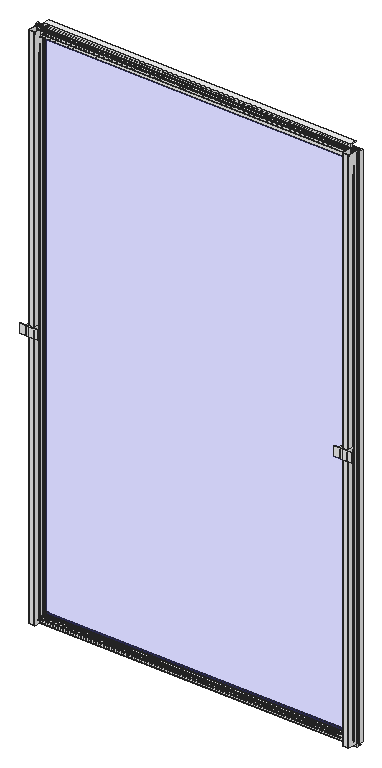
Revit family "Facade_60_Curtain_Wall_I11_Standard", category Windows, host Wall, Revit 2014 (continued)
Definition of nested family "F60 Vertical Profile Side_I11_Std"
  Automatic sketch dimensions
    Extrusion 10 sketch curve to Extrusion 10 sketch curve = 1 mm
    Extrusion 10 sketch curve to Extrusion 10 sketch curve = 2.8 mm
    Extrusion 10 sketch curve to Extrusion 10 sketch curve = 0 mm  (x2)
    Extrusion 10 sketch curve to Extrusion 10 sketch curve = 1.4 mm
    Extrusion 10 sketch curve to Extrusion 10 sketch curve = 0.539 mm  (x2)
    plane 1 "Center (Front/Back)" to Extrusion 10 sketch curve = 28.864 mm
    Extrusion 11 sketch curve to plane 3 "Center (Left/Right)" = 0 mm
    plane 3 "Center (Left/Right)" to Extrusion 11 sketch curve = 0.65 mm
    Extrusion 11 sketch curve to Extrusion 11 sketch curve = 0.128 mm  (x2)
    plane 3 "Center (Left/Right)" to Extrusion 11 sketch curve = 1.014 mm
    plane 3 "Center (Left/Right)" to Extrusion 11 sketch curve = 1.05 mm
    Extrusion 11 sketch curve to Extrusion 11 sketch curve = 0.469 mm  (x2)
    Extrusion 11 sketch curve to Extrusion 11 sketch curve = 1.079 mm
    Extrusion 11 sketch curve to Extrusion 11 sketch curve = 1.317 mm  (x2)
    Extrusion 11 sketch curve to Extrusion 11 sketch curve = 0 mm  (x3)
    plane 3 "Center (Left/Right)" to Extrusion 11 sketch curve = 3.85 mm
    Extrusion 11 sketch curve to Extrusion 11 sketch curve = 0.15 mm  (x2)
    Extrusion 11 sketch curve to Extrusion 11 sketch curve = 26 mm  (x2)
    Extrusion 11 sketch curve to Extrusion 11 sketch curve = 1.05 mm
    Extrusion 11 sketch curve to Extrusion 11 sketch curve = 0.707 mm
    Extrusion 11 sketch curve to Extrusion 11 sketch curve = 0.433 mm
    plane 1 "Center (Front/Back)" to Extrusion 11 sketch curve = 31.288 mm
    plane 1 "Center (Front/Back)" to Extrusion 11 sketch curve = 28.065 mm
    Extrusion 11 sketch curve to Extrusion 11 sketch curve = 1.314 mm
    Extrusion 11 sketch curve to Extrusion 11 sketch curve = 0.65 mm
    Extrusion 11 sketch curve to Extrusion 11 sketch curve = 0.5 mm  (x2)
    plane 1 "Center (Front/Back)" to Extrusion 11 sketch curve = 32.75 mm
    Extrusion 11 sketch curve to Extrusion 11 sketch curve = 0.1 mm  (x3)
    Extrusion 11 sketch curve to Extrusion 11 sketch curve = 1.1 mm  (x2)
    Extrusion 11 sketch curve to Extrusion 11 sketch curve = 8.608 mm
    Extrusion 11 sketch curve to Extrusion 11 sketch curve = 0.962 mm
    Extrusion 12 sketch curve to plane 3 "Center (Left/Right)" = 21.349 mm
    Extrusion 12 sketch curve to Extrusion 12 sketch curve = 6.35 mm
    plane 3 "Center (Left/Right)" to Extrusion 12 sketch curve = 10.403 mm
    plane 1 "Center (Front/Back)" to Extrusion 12 sketch curve = 35.567 mm
    plane 1 "Center (Front/Back)" to Extrusion 12 sketch curve = 10.171 mm
    plane 1 "Center (Front/Back)" to Extrusion 12 sketch curve = 3.821 mm
    Extrusion 13 sketch curve to plane 3 "Center (Left/Right)" = 21.35 mm
    Extrusion 13 sketch curve to Extrusion 13 sketch curve = 6.35 mm
    plane 3 "Center (Left/Right)" to Extrusion 13 sketch curve = 10.402 mm
    plane 1 "Center (Front/Back)" to Extrusion 13 sketch curve = 33.172 mm
    plane 1 "Center (Front/Back)" to Extrusion 13 sketch curve = 7.775 mm
    plane 1 "Center (Front/Back)" to Extrusion 13 sketch curve = 1.425 mm
    Extrusion 14 sketch curve to plane 3 "Center (Left/Right)" = 0 mm
    plane 3 "Center (Left/Right)" to Extrusion 14 sketch curve = 1.2 mm
    Extrusion 14 sketch curve to Extrusion 14 sketch curve = 9.6 mm
    Extrusion 14 sketch curve to Extrusion 14 sketch curve = 1.2 mm  (x3)
    plane 1 "Center (Front/Back)" to Extrusion 14 sketch curve = 25.775 mm
    plane 1 "Center (Front/Back)" to Extrusion 14 sketch curve = 8.975 mm
    curve 4 to Extrusion 6 = 0 mm
    curve 3 to Extrusion 6 = 0 mm
    curve 1 to Extrusion 6 = 0 mm
    curve 4 to Extrusion 6 = 3.6 mm
    curve 3 to Extrusion 6 = 3.6 mm
    curve 1 to Extrusion 6 = 3.6 mm
    Extrusion 6 to curve 2 = 1 mm
    Extrusion 6 to curve 5 = 1 mm
    Extrusion 6 to curve 6 = 1 mm
    curve 6 to Extrusion 6 = 1 mm
    curve 5 to Extrusion 6 = 1 mm
    curve 2 to Extrusion 6 = 1 mm
    curve 9 to Extrusion 6 = 0 mm
    curve 8 to Extrusion 6 = 0 mm
    curve 7 to Extrusion 6 = 0 mm
    Extrusion 6 to curve 8 = 3.6 mm
    Extrusion 6 to curve 9 = 3.6 mm
    Extrusion 6 to curve 7 = 3.6 mm
    curve 12 to Extrusion 5 = 25.894 mm
    curve 11 to Extrusion 5 = 25.894 mm
    curve 10 to Extrusion 5 = 25.894 mm
    curve 10 to Extrusion 5 = 0.108 mm
    Extrusion 5 to curve 12 = 0.703 mm
    Extrusion 5 to curve 11 = 0.703 mm
    curve 13 to Extrusion 5 = 4 mm
    curve 14 to Extrusion 5 = 4 mm
    curve 15 to Extrusion 5 = 4 mm
    Extrusion 5 to curve 15 = 0.702 mm
    Extrusion 5 to curve 14 = 0.702 mm
    Extrusion 5 to curve 13 = 0.702 mm
    curve 18 to Extrusion 7 = 0 mm
    curve 17 to Extrusion 7 = 0 mm
    curve 16 to Extrusion 7 = 0 mm
    Extrusion 7 to curve 17 = 3.6 mm
    Extrusion 7 to curve 18 = 3.6 mm
    Extrusion 7 to curve 16 = 3.6 mm
    Extrusion 7 to curve 21 = 1 mm  (x2)
    Extrusion 7 to curve 20 = 1 mm  (x2)
    Extrusion 7 to curve 19 = 1 mm  (x2)
    curve 24 to Extrusion 7 = 0 mm
    curve 23 to Extrusion 7 = 0 mm
    curve 22 to Extrusion 7 = 0 mm
    curve 24 to Extrusion 7 = 3.6 mm
    curve 23 to Extrusion 7 = 3.6 mm
    curve 22 to Extrusion 7 = 3.6 mm
    curve 27 to Extrusion 8 = 0 mm
    curve 26 to Extrusion 8 = 0 mm
    curve 25 to Extrusion 8 = 0 mm
    Extrusion 8 to curve 26 = 3.6 mm
    Extrusion 8 to curve 27 = 3.6 mm
    Extrusion 8 to curve 25 = 3.6 mm
    Extrusion 8 to curve 30 = 0.221 mm
    Extrusion 8 to curve 29 = 0.221 mm
    Extrusion 8 to curve 28 = 0.221 mm
    curve 29 to Extrusion 8 = 0.222 mm
    curve 30 to Extrusion 8 = 0.222 mm
    curve 28 to Extrusion 8 = 0.222 mm
    curve 33 to Extrusion 8 = 0 mm
    curve 32 to Extrusion 8 = 0 mm
    curve 31 to Extrusion 8 = 0 mm
    curve 33 to Extrusion 8 = 3.6 mm
    curve 32 to Extrusion 8 = 3.6 mm
    curve 31 to Extrusion 8 = 3.6 mm
    curve 34 to Extrusion 11 = 4.016 mm
    curve 35 to Extrusion 11 = 4.016 mm
    curve 36 to Extrusion 11 = 3.97 mm
    Extrusion 11 to curve 36 = 0.637 mm
    Extrusion 11 to curve 35 = 0.637 mm
    Extrusion 11 to curve 34 = 0.637 mm
    curve 37 to Extrusion 11 = 29.221 mm
    curve 38 to Extrusion 11 = 29.221 mm
    curve 39 to Extrusion 11 = 29.221 mm
    Extrusion 11 to curve 39 = 3.222 mm
    Extrusion 11 to curve 38 = 3.222 mm
    Extrusion 11 to curve 37 = 3.222 mm
Definition of nested family "F60 Horizontal Profile Top_I11_Std"
  Parameters (values of type "F60 Horizontal Profile Top")
    Thermal Break Material [instance] = none
    Single Glazing [instance] = yes
    Profile Material [instance] = none
    Length [instance] = 250 mm
    Double Glazing [instance] = yes
  Reference planes
    plane 1 "Center (Front/Back)": y = 0
    plane 2: z = 0
    plane 3 "Center (Left/Right)": x = 0
  Forms (mm)
    Extrusion 1, solid, material <- "Profile Material"
      sketch origin (0, 0, 0) x (0, 1, 0) y (0, 0, 1)
        loop
          line (-9.94, 7.845) -> (-8.37, 6.275) -> (-1.2, 10.415) -> (-1.2, 1.2) -> (-5, 1.2) -> (-5, 0) -> (-1, 0)
          arc (-1, 0) -> (-0.293, 0.293) -> (0, 1) r 1
          line (0, 1) -> (0, 30) -> (0, 59)
          arc (0, 59) -> (-0.293, 59.707) -> (-1, 60) r 1
          line (-1, 60) -> (-5, 60) -> (-5, 58.8) -> (-1.2, 58.8) -> (-1.2, 49.585) -> (-8.37, 53.725) -> (-9.94, 52.155)
          arc (-9.94, 52.155) -> (-9.902, 51.269) -> (-9.016, 51.232) r 0.655
          line (-9.016, 51.232) -> (-8.077, 52.17) -> (-1.2, 48.2) -> (-1.2, 30) -> (-1.2, 11.8) -> (-8.077, 7.83) -> (-9.016, 8.768)
          arc (-9.016, 8.768) -> (-9.902, 8.731) -> (-9.94, 7.845) r 0.655
      from 0 to 250 <- "Length"
    Extrusion 2, solid, material <- "Profile Material"
      sketch origin (0, 0, 0) x (0, 1, 0) y (0, 0, 1)
        loop
          line (-5, 60) -> (-44.6, 60) -> (-44.6, 58.35) -> (-39.944, 58.35) -> (-39.944, 1.65) -> (-44.6, 1.65) -> (-44.6, 0) -> (-5, 0) -> (-5, 2.2) -> (-4.2, 2.2) -> (-4.2, 3.018)
          arc (-4.2, 3.018) -> (-4.352, 3.783) -> (-4.786, 4.432) r 2
          line (-4.786, 4.432) -> (-7.054, 6.7) -> (-8, 6.489) -> (-8, 5.7) -> (-7.205, 5.7) -> (-7.205, 2.95) -> (-8, 2.95) -> (-8, 1.95) -> (-12.752, 1.95) -> (-12.752, 6.7) -> (-14.152, 6.7) -> (-14.152, 1.65) -> (-38.65, 1.65) -> (-38.65, 8.33) -> (-37.097, 8.33) -> (-34.666, 6.973)
          arc (-34.666, 6.973) -> (-33.846, 7.192) -> (-34.066, 8.012) r 0.6
          line (-34.066, 8.012) -> (-37.128, 9.78) -> (-38.65, 9.78) -> (-38.65, 12.65) -> (-37.6, 13.7) -> (-37.6, 20.3) -> (-38.65, 21.35) -> (-38.65, 38.65) -> (-37.6, 39.7) -> (-37.6, 46.3) -> (-38.65, 47.35) -> (-38.65, 50.22) -> (-37.128, 50.22) -> (-34.066, 51.988)
          arc (-34.066, 51.988) -> (-33.846, 52.808) -> (-34.666, 53.027) r 0.6
          line (-34.666, 53.027) -> (-37.032, 51.661) -> (-38.65, 51.661) -> (-38.65, 58.35) -> (-14.152, 58.35) -> (-14.152, 53.3) -> (-12.752, 53.3) -> (-12.752, 58.05) -> (-8, 58.05) -> (-8, 57.05) -> (-7.205, 57.05) -> (-7.205, 54.3) -> (-8, 54.3) -> (-8, 53.511) -> (-7.054, 53.3) -> (-4.786, 55.568)
          arc (-4.786, 55.568) -> (-4.352, 56.217) -> (-4.2, 56.982) r 2
          line (-4.2, 56.982) -> (-4.2, 57.8) -> (-5, 57.8) -> (-5, 60)
      from 0 to 250 <- "Length"
    Extrusion 3, solid, material <- "Thermal Break Material"
      sketch origin (0, 0, 0) x (0, 1, 0) y (0, 0, 1)
        loop
          line (-40, 1.75) -> (-40, 30) -> (-40, 58.25) -> (-44.6, 58.25) -> (-44.6, 60) -> (-45.9, 60) -> (-45.9, 53.65) -> (-41.788, 53.65)
          arc (-41.788, 53.65) -> (-41.363, 53.474) -> (-41.187, 53.05) r 0.6
          line (-41.187, 53.05) -> (-41.187, 30) -> (-41.187, 6.95)
          arc (-41.187, 6.95) -> (-41.363, 6.526) -> (-41.788, 6.35) r 0.6
          line (-41.788, 6.35) -> (-45.9, 6.35) -> (-45.9, 0) -> (-44.6, 0) -> (-44.6, 1.75) -> (-40, 1.75)
      from 0 to 250 <- "Length"
    Extrusion 4, solid, material <- "Profile Material"
      sketch origin (0, 0, 0) x (0, 1, 0) y (0, 0, 1)
        loop
          line (-58.5, 25.249) -> (-43.6, 25.249)
          arc (-43.6, 25.249) -> (-43.034, 25.015) -> (-42.8, 24.449) r 0.8
          line (-42.8, 24.449) -> (-42.8, 7.9) -> (-44.4, 7.9) -> (-44.4, 9.45) -> (-45.25, 9.45)
          arc (-45.25, 9.45) -> (-45.674, 9.274) -> (-45.85, 8.85) r 0.6
          line (-45.85, 8.85) -> (-45.85, 7.9) -> (-48.8, 7.9)
          arc (-48.8, 7.9) -> (-49.3, 8.4) -> (-49.8, 7.9) r 0.5
          line (-49.8, 7.9) -> (-49.8, 5.55) -> (-48.65, 5.55) -> (-48.65, 6.7) -> (-47.35, 6.7) -> (-47.35, 1.2) -> (-48.65, 1.2) -> (-48.65, 2.35) -> (-49.8, 2.35) -> (-49.8, 0.5)
          arc (-49.8, 0.5) -> (-49.654, 0.146) -> (-49.3, 0) r 0.5
          line (-49.3, 0) -> (-45.9, 0) -> (-45.9, 6.45) -> (-42.2, 6.45)
          arc (-42.2, 6.45) -> (-41.634, 6.684) -> (-41.4, 7.25) r 0.8
          line (-41.4, 7.25) -> (-41.4, 30) -> (-41.4, 52.75)
          arc (-41.4, 52.75) -> (-41.634, 53.316) -> (-42.2, 53.55) r 0.8
          line (-42.2, 53.55) -> (-45.9, 53.55) -> (-45.9, 60) -> (-49.3, 60)
          arc (-49.3, 60) -> (-49.654, 59.854) -> (-49.8, 59.5) r 0.5
          line (-49.8, 59.5) -> (-49.8, 57.65) -> (-48.65, 57.65) -> (-48.65, 58.8) -> (-47.35, 58.8) -> (-47.35, 53.3) -> (-48.65, 53.3) -> (-48.65, 54.45) -> (-49.8, 54.45) -> (-49.8, 52.1)
          arc (-49.8, 52.1) -> (-49.3, 51.6) -> (-48.8, 52.1) r 0.5
          line (-48.8, 52.1) -> (-45.85, 52.1) -> (-45.85, 51.15)
          arc (-45.85, 51.15) -> (-45.674, 50.726) -> (-45.25, 50.55) r 0.6
          line (-45.25, 50.55) -> (-44.4, 50.55) -> (-44.4, 52.1) -> (-42.8, 52.1) -> (-42.8, 35.551)
          arc (-42.8, 35.551) -> (-43.034, 34.985) -> (-43.6, 34.751) r 0.8
          line (-43.6, 34.751) -> (-58.5, 34.751)
          arc (-58.5, 34.751) -> (-59.066, 34.516) -> (-59.3, 33.951) r 0.8
          line (-59.3, 33.951) -> (-59.3, 32.902) -> (-42.8, 32.902) -> (-42.8, 27.1) -> (-59.3, 27.1) -> (-59.3, 26.049)
          arc (-59.3, 26.049) -> (-59.066, 25.484) -> (-58.5, 25.249) r 0.8
      from 0 to 250 <- "Length"
    Extrusion 5, solid, material <- "Thermal Break Material", visible <- "Single Glazing"
      sketch origin (0, 0, 0) x (0, 1, 0) y (0, 0, 1)
        loop
          arc (-63.8, 25.751) -> (-63.654, 25.397) -> (-63.3, 25.251) r 0.5
          line (-63.3, 25.251) -> (-59.8, 25.251)
          arc (-59.8, 25.251) -> (-59.446, 25.397) -> (-59.3, 25.751) r 0.5
          line (-59.3, 25.751) -> (-59.3, 27.648) -> (-49.599, 27.648) -> (-47.528, 28.651)
          arc (-47.528, 28.651) -> (-46.803, 30.001) -> (-47.528, 31.351) r 1.62
          line (-47.528, 31.351) -> (-49.599, 32.353) -> (-59.3, 32.353) -> (-59.3, 34.251)
          arc (-59.3, 34.251) -> (-59.446, 34.604) -> (-59.8, 34.751) r 0.5
          line (-59.8, 34.751) -> (-63.3, 34.751)
          arc (-63.3, 34.751) -> (-63.654, 34.604) -> (-63.8, 34.251) r 0.5
          line (-63.8, 34.251) -> (-63.8, 32.328) -> (-62.4, 31.52) -> (-62.4, 28.483) -> (-63.8, 27.673) -> (-63.8, 25.751)
        loop
          line (-59.794, 28.506) -> (-59.006, 29.294)
          arc (-59.006, 29.294) -> (-58.788, 29.618) -> (-58.713, 30.001) r 0.986
          arc (-58.713, 30.001) -> (-58.79, 30.384) -> (-59.008, 30.71) r 1.007
          line (-59.008, 30.71) -> (-59.794, 31.496) -> (-60.65, 31.496)
          arc (-60.65, 31.496) -> (-61.004, 31.349) -> (-61.15, 30.996) r 0.5
          line (-61.15, 30.996) -> (-61.15, 29.006)
          arc (-61.15, 29.006) -> (-61.004, 28.652) -> (-60.65, 28.506) r 0.5
          line (-60.65, 28.506) -> (-59.794, 28.506)
        loop
          line (-47.854, 30.898) -> (-49.415, 31.653) -> (-56.782, 31.653)
          arc (-56.782, 31.653) -> (-57.207, 31.417) -> (-57.23, 30.932) r 0.5
          arc (-57.23, 30.932) -> (-57.013, 30.001) -> (-57.23, 29.07) r 2.099
          arc (-57.23, 29.07) -> (-57.207, 28.584) -> (-56.782, 28.348) r 0.5
          line (-56.782, 28.348) -> (-49.415, 28.348) -> (-48.055, 29.007)
          arc (-48.055, 29.007) -> (-47.35, 29.888) -> (-47.854, 30.898) r 1.047
      from 0 to 250 <- "Length"
    Extrusion 6, solid, material <- "Profile Material", visible <- "Single Glazing"
      sketch origin (0, 0, 0) x (0, 1, 0) y (0, 0, 1)
        loop
          line (-63.8, 52.694) -> (-64.8, 52.694) -> (-64.8, 51.544) -> (-66.05, 51.544) -> (-66.05, 57.044) -> (-64.8, 57.044) -> (-64.8, 55.894) -> (-63.8, 55.894) -> (-63.8, 58.294)
          arc (-63.8, 58.294) -> (-64.082, 58.803) -> (-64.664, 58.835) r 0.6
          line (-64.664, 58.835) -> (-66.562, 57.91) -> (-67.088, 58.988) -> (-68.05, 58.519) -> (-68.05, 48.513)
          arc (-68.05, 48.513) -> (-67.874, 48.089) -> (-67.45, 47.913) r 0.6
          line (-67.45, 47.913) -> (-66.6, 47.913) -> (-66.6, 12.09) -> (-67.45, 12.09)
          arc (-67.45, 12.09) -> (-67.874, 11.914) -> (-68.05, 11.49) r 0.6
          line (-68.05, 11.49) -> (-68.05, 1.485) -> (-67.088, 1.016) -> (-66.562, 2.095) -> (-64.663, 1.169)
          arc (-64.663, 1.169) -> (-64.082, 1.2) -> (-63.8, 1.709) r 0.6
          line (-63.8, 1.709) -> (-63.8, 4.109) -> (-64.8, 4.109) -> (-64.8, 2.959) -> (-66.05, 2.959) -> (-66.05, 8.459) -> (-64.8, 8.459) -> (-64.8, 7.309) -> (-63.8, 7.309) -> (-63.8, 27.674) -> (-62.4, 28.483) -> (-62.4, 31.521) -> (-63.8, 32.329) -> (-63.8, 52.694)
      from 0 to 250 <- "Length"
    Extrusion 7, solid, material <- "Profile Material", visible <- "Single Glazing"
      sketch origin (0, 0, 0) x (0, 1, 0) y (0, 0, 1)
        loop
          line (-68.551, 3.3) -> (-76.559, 3.3) -> (-76.559, 30) -> (-76.559, 56.15)
          arc (-76.559, 56.15) -> (-75.739, 58.13) -> (-73.759, 58.95) r 2.8
          line (-73.759, 58.95) -> (-69.151, 58.95) -> (-69.151, 57.2)
          arc (-69.151, 57.2) -> (-68.987, 56.829) -> (-68.601, 56.703) r 0.5
          arc (-68.601, 56.703) -> (-68.216, 56.829) -> (-68.051, 57.2) r 0.5
          line (-68.051, 57.2) -> (-68.051, 58.517) -> (-67.089, 58.986) -> (-66.563, 57.907) -> (-63.866, 59.222)
          arc (-63.866, 59.222) -> (-64.001, 59.762) -> (-64.504, 60) r 0.65
          line (-64.504, 60) -> (-73.859, 60)
          arc (-73.859, 60) -> (-76.687, 58.828) -> (-77.859, 56) r 4
          line (-77.859, 56) -> (-77.859, 30) -> (-77.859, 2.493)
          arc (-77.859, 2.493) -> (-77.197, 0.799) -> (-75.562, 0.002) r 2.5
          arc (-75.562, 0.002) -> (-75.182, 0.132) -> (-75.021, 0.5) r 0.5
          line (-75.021, 0.5) -> (-75.021, 2) -> (-69.151, 2) -> (-69.151, 0.5)
          arc (-69.151, 0.5) -> (-69.005, 0.146) -> (-68.651, 0) r 0.5
          line (-68.651, 0) -> (-64.504, 0)
          arc (-64.504, 0) -> (-64.001, 0.238) -> (-63.866, 0.778) r 0.65
          line (-63.866, 0.778) -> (-66.563, 2.093) -> (-67.089, 1.014) -> (-68.051, 1.483) -> (-68.051, 2.8)
          arc (-68.051, 2.8) -> (-68.198, 3.154) -> (-68.551, 3.3) r 0.5
      from 0 to 250 <- "Length"
    Extrusion 8, solid, material <- "Thermal Break Material", visible <- "Double Glazing"
      sketch origin (0, 0, 0) x (0, 1, 0) y (0, 0, 1)
        loop
          line (-77.8, 27.673) -> (-77.8, 25.751)
          arc (-77.8, 25.751) -> (-77.654, 25.397) -> (-77.3, 25.251) r 0.5
          line (-77.3, 25.251) -> (-59.8, 25.251)
          arc (-59.8, 25.251) -> (-59.446, 25.397) -> (-59.3, 25.751) r 0.5
          line (-59.3, 25.751) -> (-59.3, 27.647) -> (-49.599, 27.647) -> (-47.528, 28.649)
          arc (-47.528, 28.649) -> (-46.803, 29.999) -> (-47.528, 31.349) r 1.62
          line (-47.528, 31.349) -> (-49.602, 32.353) -> (-59.3, 32.353) -> (-59.3, 34.251)
          arc (-59.3, 34.251) -> (-59.446, 34.604) -> (-59.8, 34.751) r 0.5
          line (-59.8, 34.751) -> (-77.3, 34.751)
          arc (-77.3, 34.751) -> (-77.654, 34.604) -> (-77.8, 34.251) r 0.5
          line (-77.8, 34.251) -> (-77.8, 32.327) -> (-76.4, 31.52) -> (-76.4, 28.482) -> (-77.8, 27.673)
        loop
          line (-59.006, 30.708) -> (-61.156, 32.858)
          arc (-61.156, 32.858) -> (-61.48, 33.074) -> (-61.863, 33.151) r 1
          line (-61.863, 33.151) -> (-73.8, 33.151)
          arc (-73.8, 33.151) -> (-74.507, 32.858) -> (-74.8, 32.151) r 1
          line (-74.8, 32.151) -> (-74.8, 27.851)
          arc (-74.8, 27.851) -> (-74.507, 27.144) -> (-73.8, 26.851) r 1
          line (-73.8, 26.851) -> (-61.863, 26.851)
          arc (-61.863, 26.851) -> (-61.48, 26.927) -> (-61.156, 27.144) r 1
          line (-61.156, 27.144) -> (-59.006, 29.294)
          arc (-59.006, 29.294) -> (-58.788, 29.618) -> (-58.713, 30.001) r 0.986
          arc (-58.713, 30.001) -> (-58.79, 30.383) -> (-59.006, 30.708) r 1.007
        loop
          line (-56.782, 28.347) -> (-49.415, 28.347) -> (-48.055, 29.005)
          arc (-48.055, 29.005) -> (-47.35, 29.887) -> (-47.854, 30.896) r 1.047
          line (-47.854, 30.896) -> (-49.415, 31.652) -> (-56.782, 31.652)
          arc (-56.782, 31.652) -> (-57.207, 31.416) -> (-57.23, 30.93) r 0.5
          arc (-57.23, 30.93) -> (-57.013, 29.999) -> (-57.23, 29.068) r 2.099
          arc (-57.23, 29.068) -> (-57.207, 28.583) -> (-56.782, 28.347) r 0.5
      from 0 to 250 <- "Length"
    Extrusion 9, solid, material <- "Profile Material", visible <- "Double Glazing"
      sketch origin (0, 0, 0) x (0, 1, 0) y (0, 0, 1)
        loop
          line (-77.8, 52.694) -> (-78.8, 52.694) -> (-78.8, 51.544) -> (-80.05, 51.544) -> (-80.05, 57.044) -> (-78.8, 57.044) -> (-78.8, 55.894) -> (-77.8, 55.894) -> (-77.8, 58.294)
          arc (-77.8, 58.294) -> (-78.082, 58.802) -> (-78.664, 58.834) r 0.6
          line (-78.664, 58.834) -> (-80.562, 57.909) -> (-81.088, 58.988) -> (-82.05, 58.518) -> (-82.05, 48.512)
          arc (-82.05, 48.512) -> (-81.874, 48.088) -> (-81.45, 47.912) r 0.6
          line (-81.45, 47.912) -> (-80.6, 47.912) -> (-80.6, 12.089) -> (-81.45, 12.089)
          arc (-81.45, 12.089) -> (-81.874, 11.913) -> (-82.05, 11.489) r 0.6
          line (-82.05, 11.489) -> (-82.05, 1.484) -> (-81.088, 1.015) -> (-80.562, 2.094) -> (-78.663, 1.169)
          arc (-78.663, 1.169) -> (-78.082, 1.199) -> (-77.8, 1.708) r 0.6
          line (-77.8, 1.708) -> (-77.8, 4.108) -> (-78.8, 4.108) -> (-78.8, 2.958) -> (-80.05, 2.958) -> (-80.05, 8.458) -> (-78.8, 8.458) -> (-78.8, 7.308) -> (-77.8, 7.308) -> (-77.8, 27.673) -> (-76.4, 28.482) -> (-76.4, 31.52) -> (-77.8, 32.328) -> (-77.8, 52.694)
      from 0 to 250 <- "Length"
    Extrusion 10, solid, material <- "Profile Material", visible <- "Double Glazing"
      sketch origin (0, 0, 0) x (0, 1, 0) y (0, 0, 1)
        loop
          line (-82.551, 3.3) -> (-90.558, 3.3) -> (-90.558, 30) -> (-90.558, 56.15)
          arc (-90.558, 56.15) -> (-89.738, 58.13) -> (-87.758, 58.95) r 2.8
          line (-87.758, 58.95) -> (-83.151, 58.95) -> (-83.151, 57.2)
          arc (-83.151, 57.2) -> (-82.986, 56.829) -> (-82.601, 56.703) r 0.5
          arc (-82.601, 56.703) -> (-82.215, 56.829) -> (-82.051, 57.2) r 0.5
          line (-82.051, 57.2) -> (-82.051, 58.517) -> (-81.088, 58.986) -> (-80.563, 57.907) -> (-77.866, 59.222)
          arc (-77.866, 59.222) -> (-78, 59.762) -> (-78.503, 60) r 0.65
          line (-78.503, 60) -> (-87.858, 60)
          arc (-87.858, 60) -> (-90.687, 58.828) -> (-91.858, 56) r 4
          line (-91.858, 56) -> (-91.858, 30) -> (-91.858, 2.493)
          arc (-91.858, 2.493) -> (-91.196, 0.799) -> (-89.561, 0.002) r 2.5
          arc (-89.561, 0.002) -> (-89.182, 0.132) -> (-89.021, 0.5) r 0.5
          line (-89.021, 0.5) -> (-89.021, 2) -> (-83.151, 2) -> (-83.151, 0.5)
          arc (-83.151, 0.5) -> (-83.004, 0.146) -> (-82.651, 0) r 0.5
          line (-82.651, 0) -> (-78.503, 0)
          arc (-78.503, 0) -> (-78, 0.238) -> (-77.866, 0.778) r 0.65
          line (-77.866, 0.778) -> (-80.563, 2.093) -> (-81.088, 1.014) -> (-82.051, 1.483) -> (-82.051, 2.8)
          arc (-82.051, 2.8) -> (-82.197, 3.154) -> (-82.551, 3.3) r 0.5
      from 0 to 250 <- "Length"
    Extrusion 11, solid, material <- "Profile Material", visible <- "Double Glazing"
      sketch origin (0, 0, 0) x (0, 1, 0) y (0, 0, 1)
        loop
          line (-57.8, 45.73) -> (-51.8, 45.73) -> (-51.8, 95.73) -> (-101.8, 95.73) -> (-101.8, 89.73) -> (-57.8, 89.73) -> (-57.8, 45.73)
      from 0 to 250 <- "Length"
    Extrusion 12, solid, material <- "Profile Material", visible <- "Double Glazing"
      sketch origin (0, 0, 0) x (0, 1, 0) y (0, 0, 1)
        loop
          line (-75.8, 48) -> (-57.8, 48) -> (-57.8, 60) -> (-75.8, 60) -> (-75.8, 48)
        loop
          line (-74.6, 49.2) -> (-59, 49.2) -> (-59, 58.8) -> (-74.6, 58.8) -> (-74.6, 49.2)
      from 0 to 250 <- "Length"
    Extrusion 13, solid, material <- "Profile Material", visible <- "Single Glazing"
      sketch origin (0, 0, 0) x (0, 1, 0) y (0, 0, 1)
        loop
          line (-59.8, 45.865) -> (-53.8, 45.865) -> (-53.8, 95.865) -> (-103.8, 95.865) -> (-103.8, 89.865) -> (-59.8, 89.865) -> (-59.8, 45.865)
      from 0 to 250 <- "Length"
  Dimensions and locks
    aligned and locked: level to plane 2
Definition of nested family "F60 Sill_I11_Std"
  Parameters (values of type "F60 Sill")
    Profile Material [instance] = none
    Length Sill [instance] = 250 mm
  Reference planes
    plane 1 "Center (Front/Back)": y = 0
    plane 2: z = 0
    plane 3 "Center (Left/Right)": x = 0
  Forms (mm)
    Extrusion 1, solid, material <- "Profile Material"
      sketch origin (0, 0, 0) x (0, 1, 0) y (0, 0, 1)
        loop
          line (-42.734, 5.324) -> (-48.256, 4.643)
          arc (-48.256, 4.643) -> (-49.196, 4.147) -> (-49.572, 3.154) r 1.5
          line (-49.572, 3.154) -> (-49.572, 1.88) -> (-47.772, 1.88) -> (-47.772, 3.191) -> (-19.233, 6.714)
          arc (-19.233, 6.714) -> (-17.924, 7.083) -> (-16.785, 7.826) r 4.5
          line (-16.785, 7.826) -> (-16.785, 1.88) -> (-15.285, 1.88) -> (-15.285, 24.58)
          arc (-15.285, 24.58) -> (-15.109, 25.004) -> (-14.685, 25.18) r 0.6
          line (-14.685, 25.18) -> (-4.072, 25.18) -> (-4.072, 1.88) -> (-2.572, 1.88) -> (-2.572, 29.88) -> (-4.072, 29.88) -> (-4.072, 28.88) -> (-5.222, 28.88) -> (-5.222, 27.68) -> (-4.072, 27.68) -> (-4.072, 26.38) -> (-9.572, 26.38) -> (-9.572, 27.68) -> (-8.422, 27.68) -> (-8.422, 28.88) -> (-10.172, 28.88)
          arc (-10.172, 28.88) -> (-10.597, 28.704) -> (-10.772, 28.28) r 0.6
          line (-10.772, 28.28) -> (-10.772, 26.38) -> (-15.285, 26.38)
          arc (-15.285, 26.38) -> (-16.345, 25.941) -> (-16.785, 24.88) r 1.5
          line (-16.785, 24.88) -> (-16.785, 11.18)
          arc (-16.785, 11.18) -> (-17.537, 9.193) -> (-19.417, 8.203) r 3
          line (-19.417, 8.203) -> (-39.35, 5.742)
          arc (-39.35, 5.742) -> (-40.527, 6.107) -> (-41.034, 7.231) r 1.5
          line (-41.034, 7.231) -> (-41.034, 19.996)
          arc (-41.034, 19.996) -> (-40.883, 20.394) -> (-40.507, 20.592) r 0.6
          line (-40.507, 20.592) -> (-32.917, 21.529)
          arc (-32.917, 21.529) -> (-31.977, 22.024) -> (-31.601, 23.017) r 1.5
          line (-31.601, 23.017) -> (-31.601, 28.88) -> (-33.101, 28.88) -> (-33.101, 23.548)
          arc (-33.101, 23.548) -> (-33.251, 23.15) -> (-33.627, 22.952) r 0.6
          line (-33.627, 22.952) -> (-45.787, 21.451)
          arc (-45.787, 21.451) -> (-46.727, 20.956) -> (-47.104, 19.962) r 1.5
          line (-47.104, 19.962) -> (-47.104, 19.054)
          arc (-47.104, 19.054) -> (-46.957, 18.7) -> (-46.604, 18.554) r 0.5
          line (-46.604, 18.554) -> (-45.604, 18.554) -> (-45.604, 19.962) -> (-42.734, 20.317) -> (-42.734, 5.324)
      from 0 to 250 <- "Length Sill"
  Dimensions and locks
    aligned and locked: level to plane 2
Definition of nested family "F60 Horizontal Profile Bottom_I11_Std"
  Parameters (values of type "F60 Horizontal Profile Bottom")
    Thermal Break Material [instance] = none
    Single Glazing [instance] = yes
    Profile Material [instance] = none
    Length [instance] = 250 mm
    Double Glazing [instance] = yes
  Reference planes
    plane 1 "Center (Front/Back)": y = 0
    plane 2: z = 0
    plane 3 "Center (Left/Right)": x = 0
  Forms (mm)
    Extrusion 1, solid, material <- "Profile Material"
      sketch origin (0, 0, 0) x (0, 1, 0) y (0, 0, 1)
        loop
          line (-9.94, 7.845) -> (-8.37, 6.275) -> (-1.2, 10.415) -> (-1.2, 1.2) -> (-5, 1.2) -> (-5, 0) -> (-1, 0)
          arc (-1, 0) -> (-0.293, 0.293) -> (0, 1) r 1
          line (0, 1) -> (0, 30) -> (0, 59)
          arc (0, 59) -> (-0.293, 59.707) -> (-1, 60) r 1
          line (-1, 60) -> (-5, 60) -> (-5, 58.8) -> (-1.2, 58.8) -> (-1.2, 49.585) -> (-8.37, 53.725) -> (-9.94, 52.155)
          arc (-9.94, 52.155) -> (-9.902, 51.269) -> (-9.016, 51.232) r 0.655
          line (-9.016, 51.232) -> (-8.077, 52.17) -> (-1.2, 48.2) -> (-1.2, 30) -> (-1.2, 11.8) -> (-8.077, 7.83) -> (-9.016, 8.768)
          arc (-9.016, 8.768) -> (-9.902, 8.731) -> (-9.94, 7.845) r 0.655
      from 0 to 250 <- "Length"
    Extrusion 2, solid, material <- "Profile Material"
      sketch origin (0, 0, 0) x (0, 1, 0) y (0, 0, 1)
        loop
          line (-5, 60) -> (-44.6, 60) -> (-44.6, 58.35) -> (-39.944, 58.35) -> (-39.944, 1.65) -> (-44.6, 1.65) -> (-44.6, 0) -> (-5, 0) -> (-5, 2.2) -> (-4.2, 2.2) -> (-4.2, 3.018)
          arc (-4.2, 3.018) -> (-4.352, 3.783) -> (-4.786, 4.432) r 2
          line (-4.786, 4.432) -> (-7.054, 6.7) -> (-8, 6.489) -> (-8, 5.7) -> (-7.205, 5.7) -> (-7.205, 2.95) -> (-8, 2.95) -> (-8, 1.95) -> (-12.752, 1.95) -> (-12.752, 6.7) -> (-14.152, 6.7) -> (-14.152, 1.65) -> (-38.65, 1.65) -> (-38.65, 8.33) -> (-37.097, 8.33) -> (-34.666, 6.973)
          arc (-34.666, 6.973) -> (-33.846, 7.192) -> (-34.066, 8.012) r 0.6
          line (-34.066, 8.012) -> (-37.128, 9.78) -> (-38.65, 9.78) -> (-38.65, 12.65) -> (-37.6, 13.7) -> (-37.6, 20.3) -> (-38.65, 21.35) -> (-38.65, 38.65) -> (-37.6, 39.7) -> (-37.6, 46.3) -> (-38.65, 47.35) -> (-38.65, 50.22) -> (-37.128, 50.22) -> (-34.066, 51.988)
          arc (-34.066, 51.988) -> (-33.846, 52.808) -> (-34.666, 53.027) r 0.6
          line (-34.666, 53.027) -> (-37.032, 51.661) -> (-38.65, 51.661) -> (-38.65, 58.35) -> (-14.152, 58.35) -> (-14.152, 53.3) -> (-12.752, 53.3) -> (-12.752, 58.05) -> (-8, 58.05) -> (-8, 57.05) -> (-7.205, 57.05) -> (-7.205, 54.3) -> (-8, 54.3) -> (-8, 53.511) -> (-7.054, 53.3) -> (-4.786, 55.568)
          arc (-4.786, 55.568) -> (-4.352, 56.217) -> (-4.2, 56.982) r 2
          line (-4.2, 56.982) -> (-4.2, 57.8) -> (-5, 57.8) -> (-5, 60)
      from 0 to 250 <- "Length"
    Extrusion 3, solid, material <- "Thermal Break Material"
      sketch origin (0, 0, 0) x (0, 1, 0) y (0, 0, 1)
        loop
          line (-40, 1.75) -> (-40, 30) -> (-40, 58.25) -> (-44.6, 58.25) -> (-44.6, 60) -> (-45.9, 60) -> (-45.9, 53.65) -> (-41.788, 53.65)
          arc (-41.788, 53.65) -> (-41.363, 53.474) -> (-41.187, 53.05) r 0.6
          line (-41.187, 53.05) -> (-41.187, 30) -> (-41.187, 6.95)
          arc (-41.187, 6.95) -> (-41.363, 6.526) -> (-41.788, 6.35) r 0.6
          line (-41.788, 6.35) -> (-45.9, 6.35) -> (-45.9, 0) -> (-44.6, 0) -> (-44.6, 1.75) -> (-40, 1.75)
      from 0 to 250 <- "Length"
    Extrusion 4, solid, material <- "Profile Material"
      sketch origin (0, 0, 0) x (0, 1, 0) y (0, 0, 1)
        loop
          line (-58.5, 25.249) -> (-43.6, 25.249)
          arc (-43.6, 25.249) -> (-43.034, 25.015) -> (-42.8, 24.449) r 0.8
          line (-42.8, 24.449) -> (-42.8, 7.9) -> (-44.4, 7.9) -> (-44.4, 9.45) -> (-45.25, 9.45)
          arc (-45.25, 9.45) -> (-45.674, 9.274) -> (-45.85, 8.85) r 0.6
          line (-45.85, 8.85) -> (-45.85, 7.9) -> (-48.8, 7.9)
          arc (-48.8, 7.9) -> (-49.3, 8.4) -> (-49.8, 7.9) r 0.5
          line (-49.8, 7.9) -> (-49.8, 5.55) -> (-48.65, 5.55) -> (-48.65, 6.7) -> (-47.35, 6.7) -> (-47.35, 1.2) -> (-48.65, 1.2) -> (-48.65, 2.35) -> (-49.8, 2.35) -> (-49.8, 0.5)
          arc (-49.8, 0.5) -> (-49.654, 0.146) -> (-49.3, 0) r 0.5
          line (-49.3, 0) -> (-45.9, 0) -> (-45.9, 6.45) -> (-42.2, 6.45)
          arc (-42.2, 6.45) -> (-41.634, 6.684) -> (-41.4, 7.25) r 0.8
          line (-41.4, 7.25) -> (-41.4, 30) -> (-41.4, 52.75)
          arc (-41.4, 52.75) -> (-41.634, 53.316) -> (-42.2, 53.55) r 0.8
          line (-42.2, 53.55) -> (-45.9, 53.55) -> (-45.9, 60) -> (-49.3, 60)
          arc (-49.3, 60) -> (-49.654, 59.854) -> (-49.8, 59.5) r 0.5
          line (-49.8, 59.5) -> (-49.8, 57.65) -> (-48.65, 57.65) -> (-48.65, 58.8) -> (-47.35, 58.8) -> (-47.35, 53.3) -> (-48.65, 53.3) -> (-48.65, 54.45) -> (-49.8, 54.45) -> (-49.8, 52.1)
          arc (-49.8, 52.1) -> (-49.3, 51.6) -> (-48.8, 52.1) r 0.5
          line (-48.8, 52.1) -> (-45.85, 52.1) -> (-45.85, 51.15)
          arc (-45.85, 51.15) -> (-45.674, 50.726) -> (-45.25, 50.55) r 0.6
          line (-45.25, 50.55) -> (-44.4, 50.55) -> (-44.4, 52.1) -> (-42.8, 52.1) -> (-42.8, 35.551)
          arc (-42.8, 35.551) -> (-43.034, 34.985) -> (-43.6, 34.751) r 0.8
          line (-43.6, 34.751) -> (-58.5, 34.751)
          arc (-58.5, 34.751) -> (-59.066, 34.516) -> (-59.3, 33.951) r 0.8
          line (-59.3, 33.951) -> (-59.3, 32.902) -> (-42.8, 32.902) -> (-42.8, 27.1) -> (-59.3, 27.1) -> (-59.3, 26.049)
          arc (-59.3, 26.049) -> (-59.066, 25.484) -> (-58.5, 25.249) r 0.8
      from 0 to 250 <- "Length"
    Extrusion 5, solid, material <- "Thermal Break Material", visible <- "Single Glazing"
      sketch origin (0, 0, 0) x (0, 1, 0) y (0, 0, 1)
        loop
          arc (-63.8, 25.751) -> (-63.654, 25.397) -> (-63.3, 25.251) r 0.5
          line (-63.3, 25.251) -> (-59.8, 25.251)
          arc (-59.8, 25.251) -> (-59.446, 25.397) -> (-59.3, 25.751) r 0.5
          line (-59.3, 25.751) -> (-59.3, 27.648) -> (-49.599, 27.648) -> (-47.528, 28.651)
          arc (-47.528, 28.651) -> (-46.803, 30.001) -> (-47.528, 31.351) r 1.62
          line (-47.528, 31.351) -> (-49.599, 32.353) -> (-59.3, 32.353) -> (-59.3, 34.251)
          arc (-59.3, 34.251) -> (-59.446, 34.604) -> (-59.8, 34.751) r 0.5
          line (-59.8, 34.751) -> (-63.3, 34.751)
          arc (-63.3, 34.751) -> (-63.654, 34.604) -> (-63.8, 34.251) r 0.5
          line (-63.8, 34.251) -> (-63.8, 32.328) -> (-62.4, 31.52) -> (-62.4, 28.483) -> (-63.8, 27.673) -> (-63.8, 25.751)
        loop
          line (-59.794, 28.506) -> (-59.006, 29.294)
          arc (-59.006, 29.294) -> (-58.788, 29.618) -> (-58.713, 30.001) r 0.986
          arc (-58.713, 30.001) -> (-58.79, 30.384) -> (-59.008, 30.71) r 1.007
          line (-59.008, 30.71) -> (-59.794, 31.496) -> (-60.65, 31.496)
          arc (-60.65, 31.496) -> (-61.004, 31.349) -> (-61.15, 30.996) r 0.5
          line (-61.15, 30.996) -> (-61.15, 29.006)
          arc (-61.15, 29.006) -> (-61.004, 28.652) -> (-60.65, 28.506) r 0.5
          line (-60.65, 28.506) -> (-59.794, 28.506)
        loop
          line (-47.854, 30.898) -> (-49.415, 31.653) -> (-56.782, 31.653)
          arc (-56.782, 31.653) -> (-57.207, 31.417) -> (-57.23, 30.932) r 0.5
          arc (-57.23, 30.932) -> (-57.013, 30.001) -> (-57.23, 29.07) r 2.099
          arc (-57.23, 29.07) -> (-57.207, 28.584) -> (-56.782, 28.348) r 0.5
          line (-56.782, 28.348) -> (-49.415, 28.348) -> (-48.055, 29.007)
          arc (-48.055, 29.007) -> (-47.35, 29.888) -> (-47.854, 30.898) r 1.047
      from 0 to 250 <- "Length"
    Extrusion 6, solid, material <- "Profile Material", visible <- "Single Glazing"
      sketch origin (0, 0, 0) x (0, 1, 0) y (0, 0, 1)
        loop
          line (-63.8, 52.694) -> (-64.8, 52.694) -> (-64.8, 51.544) -> (-66.05, 51.544) -> (-66.05, 57.044) -> (-64.8, 57.044) -> (-64.8, 55.894) -> (-63.8, 55.894) -> (-63.8, 58.294)
          arc (-63.8, 58.294) -> (-64.082, 58.803) -> (-64.664, 58.835) r 0.6
          line (-64.664, 58.835) -> (-66.562, 57.91) -> (-67.088, 58.988) -> (-68.05, 58.519) -> (-68.05, 48.513)
          arc (-68.05, 48.513) -> (-67.874, 48.089) -> (-67.45, 47.913) r 0.6
          line (-67.45, 47.913) -> (-66.6, 47.913) -> (-66.6, 12.09) -> (-67.45, 12.09)
          arc (-67.45, 12.09) -> (-67.874, 11.914) -> (-68.05, 11.49) r 0.6
          line (-68.05, 11.49) -> (-68.05, 1.485) -> (-67.088, 1.016) -> (-66.562, 2.095) -> (-64.663, 1.169)
          arc (-64.663, 1.169) -> (-64.082, 1.2) -> (-63.8, 1.709) r 0.6
          line (-63.8, 1.709) -> (-63.8, 4.109) -> (-64.8, 4.109) -> (-64.8, 2.959) -> (-66.05, 2.959) -> (-66.05, 8.459) -> (-64.8, 8.459) -> (-64.8, 7.309) -> (-63.8, 7.309) -> (-63.8, 27.674) -> (-62.4, 28.483) -> (-62.4, 31.521) -> (-63.8, 32.329) -> (-63.8, 52.694)
      from 0 to 250 <- "Length"
    Extrusion 7, solid, material <- "Profile Material", visible <- "Single Glazing"
      sketch origin (0, 0, 0) x (0, 1, 0) y (0, 0, 1)
        loop
          line (-68.551, 3.3) -> (-76.559, 3.3) -> (-76.559, 30) -> (-76.559, 56.15)
          arc (-76.559, 56.15) -> (-75.739, 58.13) -> (-73.759, 58.95) r 2.8
          line (-73.759, 58.95) -> (-69.151, 58.95) -> (-69.151, 57.2)
          arc (-69.151, 57.2) -> (-68.987, 56.829) -> (-68.601, 56.703) r 0.5
          arc (-68.601, 56.703) -> (-68.216, 56.829) -> (-68.051, 57.2) r 0.5
          line (-68.051, 57.2) -> (-68.051, 58.517) -> (-67.089, 58.986) -> (-66.563, 57.907) -> (-63.866, 59.222)
          arc (-63.866, 59.222) -> (-64.001, 59.762) -> (-64.504, 60) r 0.65
          line (-64.504, 60) -> (-73.859, 60)
          arc (-73.859, 60) -> (-76.687, 58.828) -> (-77.859, 56) r 4
          line (-77.859, 56) -> (-77.859, 30) -> (-77.859, 2.493)
          arc (-77.859, 2.493) -> (-77.197, 0.799) -> (-75.562, 0.002) r 2.5
          arc (-75.562, 0.002) -> (-75.182, 0.132) -> (-75.021, 0.5) r 0.5
          line (-75.021, 0.5) -> (-75.021, 2) -> (-69.151, 2) -> (-69.151, 0.5)
          arc (-69.151, 0.5) -> (-69.005, 0.146) -> (-68.651, 0) r 0.5
          line (-68.651, 0) -> (-64.504, 0)
          arc (-64.504, 0) -> (-64.001, 0.238) -> (-63.866, 0.778) r 0.65
          line (-63.866, 0.778) -> (-66.563, 2.093) -> (-67.089, 1.014) -> (-68.051, 1.483) -> (-68.051, 2.8)
          arc (-68.051, 2.8) -> (-68.198, 3.154) -> (-68.551, 3.3) r 0.5
      from 0 to 250 <- "Length"
    Extrusion 8, solid, material <- "Thermal Break Material", visible <- "Double Glazing"
      sketch origin (0, 0, 0) x (0, 1, 0) y (0, 0, 1)
        loop
          line (-77.8, 27.673) -> (-77.8, 25.751)
          arc (-77.8, 25.751) -> (-77.654, 25.397) -> (-77.3, 25.251) r 0.5
          line (-77.3, 25.251) -> (-59.8, 25.251)
          arc (-59.8, 25.251) -> (-59.446, 25.397) -> (-59.3, 25.751) r 0.5
          line (-59.3, 25.751) -> (-59.3, 27.647) -> (-49.599, 27.647) -> (-47.528, 28.649)
          arc (-47.528, 28.649) -> (-46.803, 29.999) -> (-47.528, 31.349) r 1.62
          line (-47.528, 31.349) -> (-49.602, 32.353) -> (-59.3, 32.353) -> (-59.3, 34.251)
          arc (-59.3, 34.251) -> (-59.446, 34.604) -> (-59.8, 34.751) r 0.5
          line (-59.8, 34.751) -> (-77.3, 34.751)
          arc (-77.3, 34.751) -> (-77.654, 34.604) -> (-77.8, 34.251) r 0.5
          line (-77.8, 34.251) -> (-77.8, 32.327) -> (-76.4, 31.52) -> (-76.4, 28.482) -> (-77.8, 27.673)
        loop
          line (-59.006, 30.708) -> (-61.156, 32.858)
          arc (-61.156, 32.858) -> (-61.48, 33.074) -> (-61.863, 33.151) r 1
          line (-61.863, 33.151) -> (-73.8, 33.151)
          arc (-73.8, 33.151) -> (-74.507, 32.858) -> (-74.8, 32.151) r 1
          line (-74.8, 32.151) -> (-74.8, 27.851)
          arc (-74.8, 27.851) -> (-74.507, 27.144) -> (-73.8, 26.851) r 1
          line (-73.8, 26.851) -> (-61.863, 26.851)
          arc (-61.863, 26.851) -> (-61.48, 26.927) -> (-61.156, 27.144) r 1
          line (-61.156, 27.144) -> (-59.006, 29.294)
          arc (-59.006, 29.294) -> (-58.788, 29.618) -> (-58.713, 30.001) r 0.986
          arc (-58.713, 30.001) -> (-58.79, 30.383) -> (-59.006, 30.708) r 1.007
        loop
          line (-56.782, 28.347) -> (-49.415, 28.347) -> (-48.055, 29.005)
          arc (-48.055, 29.005) -> (-47.35, 29.887) -> (-47.854, 30.896) r 1.047
          line (-47.854, 30.896) -> (-49.415, 31.652) -> (-56.782, 31.652)
          arc (-56.782, 31.652) -> (-57.207, 31.416) -> (-57.23, 30.93) r 0.5
          arc (-57.23, 30.93) -> (-57.013, 29.999) -> (-57.23, 29.068) r 2.099
          arc (-57.23, 29.068) -> (-57.207, 28.583) -> (-56.782, 28.347) r 0.5
      from 0 to 250 <- "Length"
    Extrusion 9, solid, material <- "Profile Material", visible <- "Double Glazing"
      sketch origin (0, 0, 0) x (0, 1, 0) y (0, 0, 1)
        loop
          line (-77.8, 52.694) -> (-78.8, 52.694) -> (-78.8, 51.544) -> (-80.05, 51.544) -> (-80.05, 57.044) -> (-78.8, 57.044) -> (-78.8, 55.894) -> (-77.8, 55.894) -> (-77.8, 58.294)
          arc (-77.8, 58.294) -> (-78.082, 58.802) -> (-78.664, 58.834) r 0.6
          line (-78.664, 58.834) -> (-80.562, 57.909) -> (-81.088, 58.988) -> (-82.05, 58.518) -> (-82.05, 48.512)
          arc (-82.05, 48.512) -> (-81.874, 48.088) -> (-81.45, 47.912) r 0.6
          line (-81.45, 47.912) -> (-80.6, 47.912) -> (-80.6, 12.089) -> (-81.45, 12.089)
          arc (-81.45, 12.089) -> (-81.874, 11.913) -> (-82.05, 11.489) r 0.6
          line (-82.05, 11.489) -> (-82.05, 1.484) -> (-81.088, 1.015) -> (-80.562, 2.094) -> (-78.663, 1.169)
          arc (-78.663, 1.169) -> (-78.082, 1.199) -> (-77.8, 1.708) r 0.6
          line (-77.8, 1.708) -> (-77.8, 4.108) -> (-78.8, 4.108) -> (-78.8, 2.958) -> (-80.05, 2.958) -> (-80.05, 8.458) -> (-78.8, 8.458) -> (-78.8, 7.308) -> (-77.8, 7.308) -> (-77.8, 27.673) -> (-76.4, 28.482) -> (-76.4, 31.52) -> (-77.8, 32.328) -> (-77.8, 52.694)
      from 0 to 250 <- "Length"
    Extrusion 10, solid, material <- "Profile Material", visible <- "Double Glazing"
      sketch origin (0, 0, 0) x (0, 1, 0) y (0, 0, 1)
        loop
          line (-82.551, 3.3) -> (-90.558, 3.3) -> (-90.558, 30) -> (-90.558, 56.15)
          arc (-90.558, 56.15) -> (-89.738, 58.13) -> (-87.758, 58.95) r 2.8
          line (-87.758, 58.95) -> (-83.151, 58.95) -> (-83.151, 57.2)
          arc (-83.151, 57.2) -> (-82.986, 56.829) -> (-82.601, 56.703) r 0.5
          arc (-82.601, 56.703) -> (-82.215, 56.829) -> (-82.051, 57.2) r 0.5
          line (-82.051, 57.2) -> (-82.051, 58.517) -> (-81.088, 58.986) -> (-80.563, 57.907) -> (-77.866, 59.222)
          arc (-77.866, 59.222) -> (-78, 59.762) -> (-78.503, 60) r 0.65
          line (-78.503, 60) -> (-87.858, 60)
          arc (-87.858, 60) -> (-90.687, 58.828) -> (-91.858, 56) r 4
          line (-91.858, 56) -> (-91.858, 30) -> (-91.858, 2.493)
          arc (-91.858, 2.493) -> (-91.196, 0.799) -> (-89.561, 0.002) r 2.5
          arc (-89.561, 0.002) -> (-89.182, 0.132) -> (-89.021, 0.5) r 0.5
          line (-89.021, 0.5) -> (-89.021, 2) -> (-83.151, 2) -> (-83.151, 0.5)
          arc (-83.151, 0.5) -> (-83.004, 0.146) -> (-82.651, 0) r 0.5
          line (-82.651, 0) -> (-78.503, 0)
          arc (-78.503, 0) -> (-78, 0.238) -> (-77.866, 0.778) r 0.65
          line (-77.866, 0.778) -> (-80.563, 2.093) -> (-81.088, 1.014) -> (-82.051, 1.483) -> (-82.051, 2.8)
          arc (-82.051, 2.8) -> (-82.197, 3.154) -> (-82.551, 3.3) r 0.5
      from 0 to 250 <- "Length"
    Extrusion 11, solid, material <- "Profile Material", visible <- "Single Glazing"
      sketch origin (0, 0, 0) x (0, 1, 0) y (0, 0, 1)
        loop
          line (-63.8, 18) -> (-63.8, 0) -> (-51.8, 0) -> (-51.8, 18) -> (-63.8, 18)
        loop
          line (-62.6, 16.8) -> (-62.6, 1.2) -> (-53, 1.2) -> (-53, 16.8) -> (-62.6, 16.8)
      from 0 to 250 <- "Length"
    Extrusion 12, solid, material <- "Profile Material", visible <- "Double Glazing"
      sketch origin (0, 0, 0) x (0, 1, 0) y (0, 0, 1)
        loop
          line (-76.4, 0) -> (-51.4, 0) -> (-51.4, 25) -> (-76.4, 25) -> (-76.4, 0)
        loop
          line (-74.9, 1.5) -> (-52.9, 1.5) -> (-52.9, 23.5) -> (-74.9, 23.5) -> (-74.9, 1.5)
      from 0 to 250 <- "Length"
  Dimensions and locks
    aligned and locked: level to plane 2
Definition of nested family "F60_Single_Glazing_I11_Std"
  Parameters (values of type "F60_Single_Glazing")
    Glazing Width [instance] = 900 mm
    Glazing Height [instance] = 900 mm
    SG Thickness [instance] = 4 mm
    Glazing Finish [instance] = Glass
  Reference planes
    plane 1 "Center (Front/Back)": y = 0
    plane 2: z = 0
    plane 3 "Center (Left/Right)": x = 0
  Forms (mm)
    Extrusion 1, solid, material "Glass" <- "Glazing Finish"
      sketch origin (0, 0, 0) x (1, 0, 0) y (0, 0, 1)
        loop
          line (0, 0) -> (0, 900) -> (-900, 900) -> (-900, 0) -> (0, 0)
      from 0 to 4 <- "SG Thickness"
  Dimensions and locks
    "Glazing Width": plane 3 "Center (Left/Right)" to Extrusion 1 sketch curve
    "Glazing Height": Extrusion 1 sketch curve to level
    aligned and locked: level to plane 2
    aligned and locked: Extrusion 1 sketch curve to plane 3 "Center (Left/Right)"
    aligned and locked: level to Extrusion 1 sketch curve
Definition of nested family "F60_Double_Glazing_I11_Std"
  Parameters (values of type "F60_Double_Glazing")
    Glazing Width [instance] = 600 mm
    Glazing Height [instance] = 600 mm
    Glazing Thickness DG [instance] = 4 mm
    Glazing Material [instance] = Glass
    Double Glazing Gasket Thickness [instance] = 12 mm
    Double Glazing Gasket Material [instance] = none
  Reference planes
    plane 1 "Center (Front/Back)": y = 0
    plane 2: z = 0
    plane 3 "Center (Left/Right)": x = 0
  Forms (mm)
    Extrusion 1, solid, material "Glass" <- "Glazing Material"
      sketch origin (0, 0, 0) x (1, 0, 0) y (0, 0, 1)
        loop
          line (0, 0) -> (0, 600) -> (-600, 600) -> (-600, 0) -> (0, 0)
      from 0 to 4 <- "Glazing Thickness DG"
    Extrusion 2, solid, material <- "Double Glazing Gasket Material"
      sketch origin (0, -4, 0) x (1, 0, 0) y (0, 0, 1)
        loop
          line (-600, 600) -> (-600, 0) -> (0, 0) -> (0, 600) -> (-600, 600)
        loop
          line (-592, 8) -> (-8, 8) -> (-8, 592) -> (-592, 592) -> (-592, 8)
      from 0 to 12 <- "Double Glazing Gasket Thickness"
    Extrusion 3, solid, material "Glass" <- "Glazing Material"
      sketch origin (0, -16, 0) x (1, 0, 0) y (0, 0, 1)
        loop
          line (-600, 600) -> (-600, 0) -> (0, 0) -> (0, 600) -> (-600, 600)
      from 0 to 4 <- "Glazing Thickness DG"
  Dimensions and locks
    "Glazing Width": plane 3 "Center (Left/Right)" to Extrusion 1 sketch curve
    "Glazing Height": Extrusion 1 sketch curve to level
    aligned and locked: level to plane 2
    aligned and locked: Extrusion 1 sketch curve to plane 3 "Center (Left/Right)"
    aligned and locked: level to Extrusion 1 sketch curve
    aligned and locked: Extrusion 2 sketch curve to Extrusion 1  (x4)
    aligned and locked: Extrusion 3 sketch curve to Extrusion 2  (x4)
  Automatic sketch dimensions
    Extrusion 2 sketch curve to Extrusion 1 = 8 mm  (x4)
Definition of nested family "F60 Intermediate Anchor_I11_Std"
  Parameters (values of type "F60 Intermediate Anchor")
    Profile Material [instance] = none
  Reference planes
    plane 1 "Center (Front/Back)": y = 0
    plane 2: z = 0
    plane 3 "Center (Left/Right)": x = 0
  Forms (mm)
    Extrusion 1, solid, material <- "Profile Material"
      sketch origin (0, 0, 0) x (1, 0, 0) y (0, 1, 0)
        loop
          line (23.715, 89.531) -> (108.716, 89.531) -> (193.716, 89.531) -> (193.716, 92.558)
          arc (193.716, 92.558) -> (192.905, 94.609) -> (190.911, 95.551) r 3
          line (190.911, 95.551) -> (147.753, 95.551)
          arc (147.753, 95.551) -> (146.314, 96.123) -> (145.715, 97.551) r 2
          line (145.715, 97.551) -> (145.715, 166.508)
          arc (145.715, 166.508) -> (144.291, 168.703) -> (141.815, 169.552) r 4.008
          line (141.815, 169.552) -> (140.303, 169.552)
          arc (140.303, 169.552) -> (139.875, 169.378) -> (139.703, 168.95) r 0.588
          line (139.703, 168.95) -> (139.703, 94.268)
          arc (139.703, 94.268) -> (139.579, 93.769) -> (139.115, 93.549) r 0.6
          line (139.115, 93.549) -> (108.715, 93.549) -> (78.422, 93.549)
          arc (78.422, 93.549) -> (77.93, 93.679) -> (77.715, 94.14) r 0.6
          line (77.715, 94.14) -> (77.715, 168.94)
          arc (77.715, 168.94) -> (77.531, 169.368) -> (77.104, 169.54) r 0.588
          line (77.104, 169.54) -> (75.684, 169.54)
          arc (75.684, 169.54) -> (73.185, 168.744) -> (71.713, 166.573) r 4.008
          line (71.713, 166.573) -> (71.713, 97.622)
          arc (71.713, 97.622) -> (71.158, 96.154) -> (69.715, 95.538) r 2
          line (69.715, 95.538) -> (26.715, 95.532)
          arc (26.715, 95.532) -> (24.594, 94.653) -> (23.715, 92.532) r 3
          line (23.715, 92.532) -> (23.715, 89.531)
      from 0 to 85
  Dimensions and locks
    aligned and locked: level to plane 2
Types (25, lengths in mm): name | Windload Design | Width | Overall Width | Max Pane Area | Sill Length | Length Sill | Intruderprufe U Value | Intruderprufe SHGC Value | Intruderprufe LowE U Value | Intruderprufe LowE SHGC Value | Intruderprufe Insulated U Value | Intruderprufe Insulated SHGC Value | Intruderprufe Insulated LowE U Value | Intruderprufe Insulated LowE SHGC Value | Horizontal Profile Length | Glazing Width | Glazing Gap SG | DG Thickness Calc | SG Thickness | Custom Curtain Wall Width | Custom Windload
  (no name) | 2000 | 2990 | 2990 | 14.2039 m² | 2990 | 2990 | 5.75 | 0.753 | 3.92 | 0.659 | 2.89 | 0.647 | 2.17 | 0.583 | 2870 | 2910.4 | 2 | 10 | 10 | 2990 | 2000
  F60-I11-0950-1000Pa | 1000 | 890 | 890 | 3.95508 m² | 890 | 890 | 5.73 | 0.682 | 4.29 | 0.598 | 3.14 | 0.588 | 2.52 | 0.53 | 770 | 810.4 | 3 | 6 | 8 | 890 | 1000
  F60-I11-0950-1500Pa | 1500 | 890 | 890 | 3.95508 m² | 890 | 890 | 5.73 | 0.682 | 4.29 | 0.598 | 3.14 | 0.588 | 2.52 | 0.53 | 770 | 810.4 | 3 | 6 | 8 | 890 | 1500
  F60-I11-0950-2000Pa | 2000 | 890 | 890 | 3.95508 m² | 890 | 890 | 5.73 | 0.682 | 4.29 | 0.598 | 3.14 | 0.588 | 2.52 | 0.53 | 770 | 810.4 | 3 | 6 | 8 | 890 | 2000
  F60-I11-1250-1000Pa | 1000 | 1190 | 890 | 5.4192 m² | 1190 | 1190 | 5.74 | 0.708 | 4.16 | 0.62 | 3.058 | 0.609 | 2.39 | 0.549 | 1070 | 1110.4 | 2 | 8 | 10 | 1190 | 1000
  F60-I11-1250-1500Pa | 1500 | 1190 | 890 | 5.4192 m² | 1190 | 1190 | 5.74 | 0.708 | 4.16 | 0.62 | 3.058 | 0.609 | 2.39 | 0.549 | 1070 | 1110.4 | 2 | 8 | 10 | 1190 | 1500
  F60-I11-1250-2000Pa | 2000 | 1190 | 890 | 5.4192 m² | 1190 | 1190 | 5.74 | 0.708 | 4.16 | 0.62 | 3.058 | 0.609 | 2.39 | 0.549 | 1070 | 1110.4 | 2 | 8 | 10 | 1190 | 2000
  F60-I11-1550-1000Pa | 1000 | 1490 | 890 | 6.88332 m² | 1490 | 1490 | 5.74 | 0.723 | 4.08 | 0.633 | 3 | 0.622 | 2.32 | 0.56 | 1370 | 1410.4 | 2 | 10 | 10 | 1490 | 1000
  F60-I11-1550-1500Pa | 1500 | 1490 | 890 | 6.88332 m² | 1490 | 1490 | 5.74 | 0.723 | 4.08 | 0.633 | 3 | 0.622 | 2.32 | 0.56 | 1370 | 1410.4 | 2 | 10 | 10 | 1490 | 1500
  F60-I11-1550-2000Pa | 2000 | 1490 | 890 | 6.88332 m² | 1490 | 1490 | 5.74 | 0.723 | 4.08 | 0.633 | 3 | 0.622 | 2.32 | 0.56 | 1370 | 1410.4 | 2 | 10 | 10 | 1490 | 2000
  F60-I11-1850-1000Pa | 1000 | 1790 | 890 | 8.34744 m² | 1790 | 1790 | 5.75 | 0.733 | 4.02 | 0.642 | 2.96 | 0.63 | 2.27 | 0.568 | 1670 | 1710.4 | 2 | 10 | 10 | 1790 | 1000
  F60-I11-1850-1500Pa | 1500 | 1790 | 890 | 8.34744 m² | 1790 | 1790 | 5.75 | 0.733 | 4.02 | 0.642 | 2.96 | 0.63 | 2.27 | 0.568 | 1670 | 1710.4 | 2 | 10 | 10 | 1790 | 1500
  F60-I11-1850-2000Pa | 2000 | 1790 | 890 | 8.34744 m² | 1790 | 1790 | 5.75 | 0.733 | 4.02 | 0.642 | 2.96 | 0.63 | 2.27 | 0.568 | 1670 | 1710.4 | 2 | 10 | 10 | 1790 | 2000
  F60-I11-2150-1000Pa | 1000 | 2090 | 890 | 9.81156 m² | 2090 | 2090 | 5.75 | 0.74 | 3.99 | 0.648 | 2.94 | 0.636 | 2.23 | 0.573 | 1970 | 2010.4 | 2 | 10 | 10 | 2090 | 1000
  F60-I11-2150-1500Pa | 1500 | 2090 | 890 | 9.81156 m² | 2090 | 2090 | 5.75 | 0.74 | 3.99 | 0.648 | 2.94 | 0.636 | 2.23 | 0.573 | 1970 | 2010.4 | 2 | 10 | 10 | 2090 | 1500
  F60-I11-2150-2000Pa | 2000 | 2090 | 890 | 9.81156 m² | 2090 | 2090 | 5.75 | 0.74 | 3.99 | 0.648 | 2.94 | 0.636 | 2.23 | 0.573 | 1970 | 2010.4 | 2 | 10 | 10 | 2090 | 2000
  F60-I11-2450-1000Pa | 1000 | 2390 | 890 | 11.2757 m² | 2390 | 2390 | 5.75 | 0.745 | 3.96 | 0.653 | 2.92 | 0.641 | 2.21 | 0.577 | 2270 | 2310.4 | 2 | 10 | 10 | 2390 | 1000
  F60-I11-2450-1500Pa | 1500 | 2390 | 890 | 11.2757 m² | 2390 | 2390 | 5.75 | 0.745 | 3.96 | 0.653 | 2.92 | 0.641 | 2.21 | 0.577 | 2270 | 2310.4 | 2 | 10 | 10 | 2390 | 1500
  F60-I11-2450-2000Pa | 2000 | 2390 | 890 | 11.2757 m² | 2390 | 2390 | 5.75 | 0.745 | 3.96 | 0.653 | 2.92 | 0.641 | 2.21 | 0.577 | 2270 | 2310.4 | 2 | 10 | 10 | 2390 | 2000
  F60-I11-2750-1000Pa | 1000 | 2690 | 890 | 12.7398 m² | 2690 | 2690 | 5.75 | 0.75 | 3.94 | 0.656 | 2.9 | 0.644 | 2.19 | 0.58 | 2570 | 2610.4 | 2 | 10 | 10 | 2690 | 1000
  F60-I11-2750-1500Pa | 1500 | 2690 | 890 | 12.7398 m² | 2690 | 2690 | 5.75 | 0.75 | 3.94 | 0.656 | 2.9 | 0.644 | 2.19 | 0.58 | 2570 | 2610.4 | 2 | 10 | 10 | 2690 | 1500
  F60-I11-2750-2000Pa | 2000 | 2690 | 890 | 12.7398 m² | 2690 | 2690 | 5.75 | 0.75 | 3.94 | 0.656 | 2.9 | 0.644 | 2.19 | 0.58 | 2570 | 2610.4 | 2 | 10 | 10 | 2690 | 2000
  F60-I11-3050-1000Pa | 1000 | 2990 | 890 | 14.2039 m² | 2990 | 2990 | 5.75 | 0.753 | 3.92 | 0.659 | 2.89 | 0.647 | 2.17 | 0.583 | 2870 | 2910.4 | 2 | 10 | 10 | 2990 | 1000
  F60-I11-3050-1500Pa | 1500 | 2990 | 890 | 14.2039 m² | 2990 | 2990 | 5.75 | 0.753 | 3.92 | 0.659 | 2.89 | 0.647 | 2.17 | 0.583 | 2870 | 2910.4 | 2 | 10 | 10 | 2990 | 1500
  F60-I11-3050-2000Pa | 2000 | 2990 | 2990 | 14.2039 m² | 2990 | 2990 | 5.75 | 0.753 | 3.92 | 0.659 | 2.89 | 0.647 | 2.17 | 0.583 | 2870 | 2910.4 | 2 | 10 | 10 | 2990 | 2000
